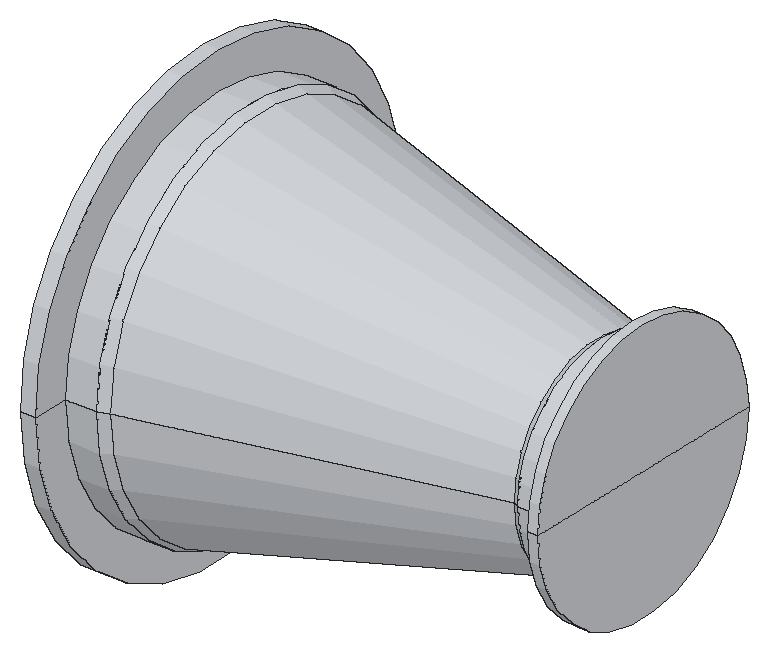
Revit family "9a1781b8420e4d16b9fb82f2cc4781c4", category Pipe Fittings, Revit 2021
Family settings
  Round Connector Dimension = Use Radius
  Part Type = Transition
  OmniClass Number = 23.60.30.11.14
  OmniClass Title = Pipework Fittings
  Work Plane-Based = No
  Always vertical = Yes
  Cut with Voids When Loaded = No
  Shared = No
Parameters (values of type "Standard")
  Visibility 2 [instance] = Nominal Diameter 2 > Nominal Diameter 1  # no
  Visibility 1 [instance] = Nominal Diameter 1 > Nominal Diameter 2  # yes
  URL = ""
  Type Comments = ""
  Tick Size 2 [instance] = if(Nominal Diameter 1 > Nominal Diameter 2, Min Tick Size 12, Max Tick Size 12)  # 6.9600"
  Tick Size 1 [instance] = if(Nominal Diameter 1 > Nominal Diameter 2, Max Tick Size 12, Min Tick Size 12)  # 12.8000"
  Min Tick Size 12 [instance] = Min Fitting Outside Diameter 12 * 0.4  # 6.9600"
  Max Tick Size 12 [instance] = Max Fitting Outside Diameter 12 * 0.4  # 12.8000"
  Socket Outside Radius 2 [instance] = Socket Outside Diameter 2 / 2  # 8.9900"
  Socket Outside Radius 1 [instance] = Socket Outside Diameter 1 / 2  # 16.4100"
  Socket Outside Diameter 2 [instance] = if(Nominal Diameter 1 > Nominal Diameter 2, Min Socket Outside Diameter 12, Max Socket Outside Diameter 12)  # 17.9800"
  Socket Outside Diameter 1 [instance] = if(Nominal Diameter 1 > Nominal Diameter 2, Max Socket Outside Diameter 12, Min Socket Outside Diameter 12)  # 32.8200"
  Socket Depth 2 [instance] = if(Nominal Diameter 2 < 14.0000", 2.5000", if(Nominal Diameter 2 < 30.0000", 3.5000", 4.0000"))  # 3.5000"
  Socket Depth 1 [instance] = if(Nominal Diameter 1 < 14.0000", 2.5000", if(Nominal Diameter 1 < 30.0000", 3.5000", 4.0000"))  # 4.0000"
  Min Socket Outside Diameter 12 [instance] = size_lookup(Lookup Table Name, "SOD", 1.08 * Min Nominal Diameter 12 + 1.1200", Min Nominal Diameter 12)  # 17.9800"
  Max Socket Outside Diameter 12 [instance] = size_lookup(Lookup Table Name, "SOD", 1.08 * Max Nominal Diameter 12 + 1.1200", Max Nominal Diameter 12)  # 32.8200"
  Nominal Radius 2 [instance] = 8.0000"
  Nominal Radius 1 [instance] = 15.0000"
  Nominal Diameter 2 [instance] = Nominal Radius 2 * 2  # 16.0000"
  Nominal Diameter 1 [instance] = Nominal Radius 1 * 2  # 30.0000"
  Min Nominal Diameter 12 [instance] = if(Nominal Diameter 1 > Nominal Diameter 2, Nominal Diameter 2, Nominal Diameter 1)  # 16.0000"
  Max Nominal Diameter 12 [instance] = if(Nominal Diameter 1 > Nominal Diameter 2, Nominal Diameter 1, Nominal Diameter 2)  # 30.0000"
  Manufacturer = ""
  Loss Method = K Coefficient from Table
  Lookup Table Name = "Reducer Compact - MJ - DI - Class 250"
  Length [instance] = size_lookup(Lookup Table Name, "Lgt", 0.0800" + 1.11 * Max Nominal Diameter 12 - 0.97 * Min Nominal Diameter 12, Max Nominal Diameter 12, Min Nominal Diameter 12)  # 30.0000"
  K Coefficient Table = "Reducer/Coupling/Union/Increaser"
  Fitting Outside Radius 2 [instance] = Fitting Outside Diameter 2 / 2  # 8.7000"
  Fitting Outside Radius 1 [instance] = Fitting Outside Diameter 1 / 2  # 16.0000"
  Min Fitting Outside Diameter 12 [instance] = size_lookup(Lookup Table Name, "FOD", 1.04 * Min Nominal Diameter 12 + 0.7000", Min Nominal Diameter 12)  # 17.4000"
  Max Fitting Outside Diameter 12 [instance] = size_lookup(Lookup Table Name, "FOD", 1.04 * Max Nominal Diameter 12 + 0.7000", Max Nominal Diameter 12)  # 32.0000"
  built-in parameter 1114238 [instance] = (empty or 0)
  Fitting Outside Diameter 2 [instance] = if(Nominal Diameter 1 > Nominal Diameter 2, Min Fitting Outside Diameter 12, Max Fitting Outside Diameter 12)  # 17.4000"
  Fitting Outside Diameter 1 [instance] = if(Nominal Diameter 1 > Nominal Diameter 2, Max Fitting Outside Diameter 12, Min Fitting Outside Diameter 12)  # 32.0000"
  Description = ""
  Default Elevation = 0.0000"
  Bevel Length 2 [instance] = size_lookup(Lookup Table Name, "BvLgt", 0.04 * Nominal Diameter 2 + 0.4300", Nominal Diameter 2)  # 0.5800"
  Bevel Length 1 [instance] = size_lookup(Lookup Table Name, "BvLgt", 0.04 * Nominal Diameter 1 + 0.4300", Nominal Diameter 1)  # 0.8200"
  Gland Width 2 [instance] = size_lookup(Lookup Table Name, "GWid", 0.03 * Nominal Diameter 2 + 0.9400", Nominal Diameter 2)  # 0.8500"
  Gland Width 1 [instance] = size_lookup(Lookup Table Name, "GWid", 0.03 * Nominal Diameter 1 + 0.9400", Nominal Diameter 1)  # 1.3100"
  Gland Outside Radius 1 [instance] = Gland Outside Diameter 1 / 2  # 19.5600"
  Gland Outside Radius 2 [instance] = Gland Outside Diameter 2 / 2  # 11.2500"
  Max Gland Outside Diameter 12 [instance] = size_lookup(Lookup Table Name, "GOD", 1.16 * Max Nominal Diameter 12 + 4.0300", Max Nominal Diameter 12)  # 39.1200"
  Min Gland Outside Diameter 12 [instance] = size_lookup(Lookup Table Name, "GOD", 1.16 * Min Nominal Diameter 12 + 4.0300", Min Nominal Diameter 12)  # 22.5000"
  Gland Outside Diameter 2 [instance] = if(Nominal Diameter 1 > Nominal Diameter 2, Min Gland Outside Diameter 12, Max Gland Outside Diameter 12)  # 22.5000"
  Gland Outside Diameter 1 [instance] = if(Nominal Diameter 1 > Nominal Diameter 2, Max Gland Outside Diameter 12, Min Gland Outside Diameter 12)  # 39.1200"
  Assembly Code = ""
Reference planes (in)
  plane 1 "Center (Front/Back)": y = 0
  plane 2: z = 0
  plane 3 "Center (Left/Right)": x = 0
  plane 4 "Right": x = 37.5
  plane 5 "TK1 Top": y = 12.8
  plane 6 "TK1 Bottom": y = -12.8
  plane 7 "TK2 Top": y = 6.96
  plane 8 "TK2 Bottom": y = -6.96
  plane 9: y = 19.56
  plane 10: y = 16.41
  plane 11: x = 4
  plane 12: x = 4.82
  plane 13: y = 16
  plane 14 "SD2R": x = 34
  plane 15: x = 1.31
  plane 16: x = 36.65
  plane 17: x = 33.42
  plane 18: y = 8.7
  plane 19: y = 8.99
  plane 20: y = 11.25
Forms (in)
  Extrusion 1, solid, not visible
    sketch origin (0, 0, 0) x (0, 1, 0) y (0, 0, 1)
      loop
        circle (0, 0) r 1
    from 0 to 37.5
  Revolve 2, solid, detail levels fine
    sketch origin (0, 0, 0) x (1, 0, 0) y (0, 1, 0)
      loop
        line (0, 0) -> (37.5, 0) -> (37.5, 11.25) -> (36.65, 11.25) -> (36.65, 8.99) -> (34, 8.99) -> (33.42, 8.7) -> (4.82, 16) -> (4, 16.41) -> (1.31, 16.41) -> (1.31, 19.56) -> (0, 19.56) -> (0, 0)
      axis (0, 0) -> (37.5, 0)
    angle from 0 to 360
Lines and regions (in)
  model lines, detail levels coarse+medium
    curve 1: line (0, 0, 0) -> (0, 12.8, 0)
    curve 2: line (0, -12.8, 0) -> (0, 0, 0)
    curve 3: line (37.5, 0, 0) -> (37.5, 6.96, 0)
    curve 4: line (37.5, 0, 0) -> (37.5, -6.96, 0)
  model lines, style "PipeFitting", visible <- "Visibility 1", detail levels coarse+medium
    curve 5: line (0, 12.8, 0) -> (37.5, 0, 0)
    curve 6: line (0, -12.8, 0) -> (37.5, 0, 0)
  model lines, style "PipeFitting", visible <- "Visibility 2", detail levels coarse+medium
    curve 7: line (37.5, 6.96, 0) -> (0, 0, 0)
    curve 8: line (0, 0, 0) -> (37.5, -6.96, 0)
Dimensions and locks (in)
  "Tick Size 1": plane 5 "TK1 Top" to plane 1 "Center (Front/Back)"
  "Tick Size 1": plane 6 "TK1 Bottom" to plane 1 "Center (Front/Back)"
  "Tick Size 2": plane 7 "TK2 Top" to plane 1 "Center (Front/Back)"
  "Tick Size 2": plane 8 "TK2 Bottom" to plane 1 "Center (Front/Back)"
  "Gland Outside Radius 1": plane 9 to plane 1 "Center (Front/Back)"
  "Socket Outside Radius 1": plane 1 "Center (Front/Back)" to plane 10
  "Fitting Outside Radius 1": plane 13 to plane 1 "Center (Front/Back)"
  "Socket Depth 2": plane 14 "SD2R" to plane 4 "Right"
  "Socket Depth 1": plane 3 "Center (Left/Right)" to plane 11
  "Gland Width 1": plane 3 "Center (Left/Right)" to plane 15
  "Gland Width 2": plane 16 to plane 4 "Right"
  "Bevel Length 1": plane 11 to plane 12
  "Bevel Length 2": plane 17 to plane 14 "SD2R"
  "Fitting Outside Radius 2": plane 18 to plane 1 "Center (Front/Back)"
  "Socket Outside Radius 2": plane 19 to plane 1 "Center (Front/Back)"
  "Gland Outside Radius 2": plane 20 to plane 1 "Center (Front/Back)"
  "Length": plane 11 to plane 14 "SD2R"
  radius of Extrusion 1 sketch curve = 1.0000"
  aligned and locked: plane 2 to level
  aligned and locked: plane 2 to Extrusion 1 sketch curve
  aligned and locked: plane 1 "Center (Front/Back)" to Extrusion 1 sketch curve
  aligned and locked: Extrusion 1 to plane 3 "Center (Left/Right)"
  aligned and locked: plane 4 "Right" to Extrusion 1
  aligned and locked: plane 1 "Center (Front/Back)" to curve 2
  aligned and locked: plane 3 "Center (Left/Right)" to curve 1
  aligned and locked: plane 3 "Center (Left/Right)" to curve 2
  aligned and locked: plane 5 "TK1 Top" to curve 1
  aligned and locked: plane 6 "TK1 Bottom" to curve 2
  aligned and locked: curve 3 to plane 7 "TK2 Top"
  aligned and locked: curve 4 to plane 4 "Right"
  aligned and locked: plane 1 "Center (Front/Back)" to Revolve 2 sketch curve
  aligned and locked: plane 3 "Center (Left/Right)" to Revolve 2 sketch curve
  aligned and locked: Revolve 2 sketch curve to plane 9
  aligned and locked: Revolve 2 sketch curve to plane 15
  aligned and locked: Revolve 2 sketch curve to plane 10
  aligned and locked: plane 11 to Revolve 2 sketch curve
  aligned and locked: plane 14 "SD2R" to Revolve 2 sketch curve
  aligned and locked: Revolve 2 sketch curve to plane 19
  aligned and locked: plane 16 to Revolve 2 sketch curve
  aligned and locked: Revolve 2 sketch curve to plane 20
  aligned and locked: plane 4 "Right" to Revolve 2 sketch curve
  aligned and locked: Revolve 2 sketch curve to Revolve 2 sketch curve
Automatic sketch dimensions
  plane 8 "TK2 Bottom" to curve 8 = 0.0000"
  plane 1 "Center (Front/Back)" to curve 4 = 0.0000"
  Revolve 2 sketch curve to plane 12 = 0.0000"
  Revolve 2 sketch curve to plane 17 = 0.0000"
  Revolve 2 sketch curve to plane 18 = 0.0000"
  Revolve 2 sketch curve to plane 13 = 0.0000"
  Revolve 2 sketch curve to plane 3 "Center (Left/Right)" = 9.7500"
  Revolve 2 sketch curve to Revolve 2 sketch curve = 7.2500"
Connectors (in)
  piping at (0, 0, 0), diameter 30, driven by "Nominal Radius 1"
    settings: on Extrusion 1, index 1, connector inside diameter 30.0000", connector length 0.0000", flow factor 0, pipe flow 0 GPM, pressure drop 0.00 psi, fitting loss kfactor 0, connector angle 0.00°, fixture units 0, engagement length 0.0000", angle of deflection 0.00°, flow configuration 0, flow direction 0, fitting loss method 0, system type 28, joint type 0, gender type 0, connector reference index 2, connector utility 0, adjustable connector no, is connector primary yes, connector description ""
  piping at (37.5, 0, 0), diameter 16, driven by "Nominal Radius 2"
    settings: on Extrusion 1, index 2, connector inside diameter 16.0000", connector length 0.0000", flow factor 0, pipe flow 0 GPM, pressure drop 0.00 psi, fitting loss kfactor 0, connector angle 0.00°, fixture units 0, engagement length 0.0000", angle of deflection 0.00°, flow configuration 0, flow direction 0, fitting loss method 0, system type 28, joint type 0, gender type 0, connector reference index 1, connector utility 0, adjustable connector no, is connector primary no, connector description ""
